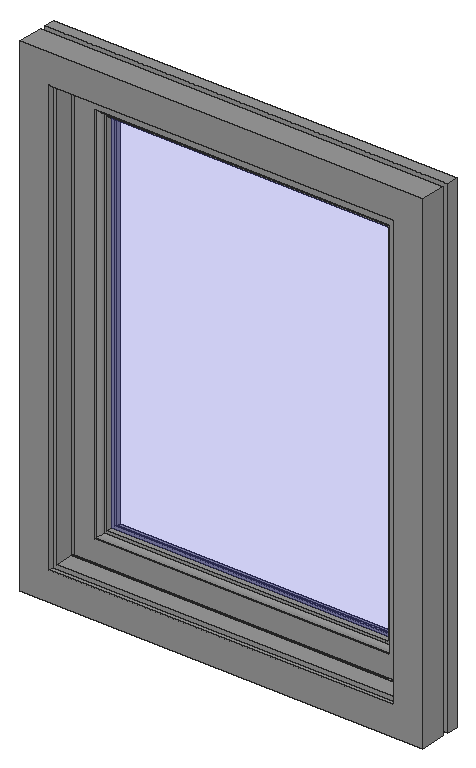
Revit family "MD1", category Windows, host Wall, Revit 2015
Parameters (values of type "MD1")
  Height = 663 mm
  Default Lintel Height = 2100 mm
  Wall Closure = By host
  Width = 542 mm
Reference planes
  plane 1 "Center (Front/Back)": y = 0
  plane 2 "Center (Left/Right)": x = 0
  plane 3 "Left": x = -271
  plane 4 "Right": x = 271
  plane 5 "Sill": z = 1437
  plane 6 "Head": z = 2100
  plane 7 "Exterior": y = 100
  plane 8 "Interior": y = -100
  plane 9: y = -28.5
  plane 10: y = 23.5
Forms (mm)
  Sweep 1, solid, material "Lauan, Meranti"
    path origin (0, 100, 0) x (1, 0, 0) y (0, 0, 1)
      loop
        line (271, 2100) -> (-271, 2100) -> (-271, 1437) -> (271, 1437) -> (271, 2100)
    profile origin (0, 100, 2100) x (0, 0, -1) y (0, -1, 0)
      loop
        line (0, 71.5) -> (29, 71.5) -> (29, 96.5) -> (37.5, 96.5) -> (37.5, 102.5) -> (40.5, 102.5) -> (40.5, 96.5) -> (44, 96.5) -> (44, 122.5) -> (39, 122.5) -> (39, 128.5) -> (0, 128.5) -> (0, 94.5) -> (10, 94.5) -> (10, 86.5) -> (0, 86.5) -> (0, 71.5)
  Sweep 2, solid, material "Rubber"
    path origin (0, 100, 0) x (1, 0, 0) y (0, 0, 1)
      loop
        line (233.5, 2062.5) -> (-233.5, 2062.5) -> (-233.5, 1474.5) -> (233.5, 1474.5) -> (233.5, 2062.5)
    profile origin (0, 100, 2062.5) x (0, 0, -1) y (0, -1, 0)
      loop
        line (1.5, 91.5) -> (6.5, 93.5) -> (6.5, 96.5) -> (2.5, 96.5) -> (2.5, 98.93) -> (3.5, 98.93) -> (2.5, 99.198) -> (2.5, 100.964) -> (3.5, 100.964) -> (1.5, 101.5) -> (-0.5, 100.964) -> (0.5, 100.964) -> (0.5, 99.198) -> (-0.5, 98.93) -> (0.5, 98.93) -> (0.5, 96.5) -> (-3.5, 96.5) -> (-3.5, 93.5) -> (1.5, 91.5)
  Sweep 3, solid, material "Lauan, Meranti"
    path origin (0, 100, 0) x (1, 0, 0) y (0, 0, 1)
      loop
        line (242, 2071) -> (-242, 2071) -> (-242, 1466) -> (242, 1466) -> (242, 2071)
    profile origin (0, 100, 2071) x (0, 0, -1) y (0, -1, 0)
      loop
        arc (-5, 57.5) -> (-3.242, 53.257) -> (1, 51.5) r 6
        line (1, 51.5) -> (43, 51.5) -> (43, 76.5) -> (52, 76.5) -> (52, 84.5) -> (49, 84.5)
        arc (49, 84.5) -> (47.243, 88.743) -> (43, 90.5) r 6
        line (43, 90.5) -> (43, 93.5) -> (10, 93.5) -> (10, 89.5) -> (12, 89.5) -> (12, 84.5) -> (14, 83.964) -> (14, 79.036) -> (12, 78.5) -> (12, 71.5) -> (-5, 71.5) -> (-5, 57.5)
  Sweep 4, solid, material "Lauan, Meranti"
    path origin (0, 100, 0) x (1, 0, 0) y (0, 0, 1)
      loop
        line (198.986, 2027.989) -> (-198.986, 2027.989) -> (-198.986, 1509.011) -> (198.986, 1509.011) -> (198.986, 2027.989)
    profile origin (0, 100, 2027.989) x (0, 0, -1) y (0, -1, 0)
      loop
        arc (0, 62.1) -> (4.67, 63.734) -> (7, 68.1) r 6.807
        line (7, 68.1) -> (9, 68.1) -> (9, 70.1) -> (0, 70.1) -> (0, 62.1)
  Extrusion 5, solid, material "Glass"
    sketch origin (-271, 0, 0) x (0, -1, 0) y (0, 0, 1)
      loop
        line (-23.5, 2028) -> (-29.9, 2028) -> (-29.9, 1509) -> (-23.5, 1509) -> (-23.5, 2028)
    from -470 to -72
Lines and regions (mm)
  Opening 1
    outline origin (3500, -100, 0) x (1, 0, 0) y (0, 0, 1)
      loop
        line (-3229, 1437) -> (-3229, 2100) -> (-3771, 2100) -> (-3771, 1437) -> (-3229, 1437)
  model lines
    curve 1: line (247, 48.5, 2076) -> (0, 48.5, 1461)
    curve 2: line (0, 48.5, 1461) -> (-247.082, 48.5, 2076.08)
Text (mm)
  text "EXTERIOR" at (-1963.203, 1332.353, 0), in view "Ref. Level"
  text "INTERIOR" at (-1981.466, -818.386, 0), in view "Ref. Level"
  text "Exterior" at (0, 923.751, 2943.296), in view "Right"
  text "Exterior" at (0, 1040.484, 2685.409), in view "Left"
Dimensions and locks
  equal spacing: plane 3 "Left", plane 2 "Center (Left/Right)", plane 4 "Right"
  "Width": plane 3 "Left" to plane 4 "Right"
  "Height": plane 5 "Sill" to plane 6 "Head"
  "Default Lintel Height": plane 6 "Head" to level
  locked: plane 7 "Exterior" to host wall at 0
  locked: plane 8 "Interior" to host wall
  locked: plane 10 to plane 9 at 52
  aligned and locked: Sweep 1 sketch curve to host wall  (x4)
  aligned and locked: Sweep 2 sketch curve to Sweep 1  (x4)
  aligned and locked: Sweep 3 sketch curve to Sweep 1  (x4)
  aligned and locked: Sweep 4 sketch curve to Sweep 3  (x2)
  aligned and locked: Extrusion 5 to Sweep 3  (x3)
  aligned and locked: Extrusion 5 to Sweep 4
  aligned and locked: Sweep 3 sketch curve to Sweep 2
Automatic sketch dimensions
  plane 3 "Left" to Opening 1 sketch curve = 0 mm
  plane 4 "Right" to Opening 1 sketch curve = 0 mm
  Opening 1 sketch curve to plane 5 "Sill" = 0 mm
  Opening 1 sketch curve to plane 6 "Head" = 0 mm
  Sweep 1 sketch curve to profile plane = 0 mm  (x2)
  Sweep 1 sketch curve to profile plane = 10 mm
  Sweep 1 sketch curve to Sweep 1 sketch curve = 19 mm
  Sweep 1 sketch curve to Sweep 1 sketch curve = 8.5 mm
  Sweep 1 sketch curve to Sweep 1 sketch curve = 1.5 mm
  Sweep 1 sketch curve to Sweep 1 sketch curve = 3 mm
  Sweep 1 sketch curve to Sweep 1 sketch curve = 3.5 mm
  plane 7 "Exterior" to Sweep 1 sketch curve = 71.5 mm
  Sweep 1 sketch curve to Sweep 1 sketch curve = 15 mm
  Sweep 1 sketch curve to Sweep 1 sketch curve = 8 mm
  Sweep 1 sketch curve to Sweep 1 sketch curve = 25 mm
  Sweep 1 sketch curve to Sweep 1 sketch curve = 0 mm
  Sweep 1 sketch curve to Sweep 1 sketch curve = 6 mm
  Sweep 1 sketch curve to Sweep 1 sketch curve = 20 mm
  Sweep 1 sketch curve to Sweep 1 sketch curve = 34 mm
  profile plane to Sweep 2 sketch curve = 3.5 mm
  profile plane to Sweep 2 sketch curve = 0.5 mm  (x2)
  Sweep 2 sketch curve to profile plane = 0.5 mm
  Sweep 2 sketch curve to Sweep 2 sketch curve = 0 mm  (x2)
  Sweep 2 sketch curve to profile plane = 1.5 mm
  Sweep 2 sketch curve to Sweep 2 sketch curve = 1 mm  (x4)
  Sweep 2 sketch curve to Sweep 2 sketch curve = 2 mm  (x3)
  Sweep 2 sketch curve to Sweep 2 sketch curve = 4 mm
  plane 7 "Exterior" to Sweep 2 sketch curve = 91.5 mm
  Sweep 2 sketch curve to Sweep 2 sketch curve = 3 mm  (x2)
  Sweep 2 sketch curve to Sweep 2 sketch curve = 2.43 mm
  Sweep 2 sketch curve to Sweep 2 sketch curve = 0.268 mm  (x2)
  Sweep 2 sketch curve to Sweep 2 sketch curve = 1.766 mm  (x2)
  Sweep 2 sketch curve to Sweep 2 sketch curve = 0.536 mm
  profile plane to Sweep 3 sketch curve = 5 mm
  Sweep 3 sketch curve to profile plane = 1 mm
  Sweep 3 sketch curve to profile plane = 10 mm
  Sweep 3 sketch curve to Sweep 3 sketch curve = 2 mm  (x2)
  Sweep 3 sketch curve to profile plane = 12 mm
  Sweep 3 sketch curve to Sweep 3 sketch curve = 31 mm
  Sweep 3 sketch curve to Sweep 3 sketch curve = 0 mm
  Sweep 3 sketch curve to Sweep 3 sketch curve = 6 mm
  Sweep 3 sketch curve to Sweep 3 sketch curve = 3 mm  (x2)
  Sweep 3 sketch curve to Sweep 3 sketch curve = 4 mm
  Sweep 3 sketch curve to Sweep 3 sketch curve = 5 mm
  Sweep 3 sketch curve to Sweep 3 sketch curve = 0.536 mm  (x2)
  Sweep 3 sketch curve to Sweep 3 sketch curve = 4.928 mm
  Sweep 3 sketch curve to Sweep 3 sketch curve = 8 mm
  Sweep 3 sketch curve to Sweep 3 sketch curve = 7 mm
  Sweep 3 sketch curve to Sweep 3 sketch curve = 14 mm
  plane 4 "Right" to Sweep 4 sketch curve = 72.014 mm
  plane 6 "Head" to Sweep 4 sketch curve = 72.011 mm
  Sweep 4 sketch curve to profile plane = 0 mm
  Sweep 4 sketch curve to profile plane = 0.241 mm
  Sweep 4 sketch curve to Sweep 4 sketch curve = 6.759 mm
  Sweep 4 sketch curve to Sweep 4 sketch curve = 2 mm  (x2)
  plane 7 "Exterior" to Sweep 4 sketch curve = 62.1 mm
  Sweep 4 sketch curve to Sweep 4 sketch curve = 6 mm
  Extrusion 5 sketch curve to plane 10 = 0 mm
  Extrusion 5 sketch curve to Extrusion 5 sketch curve = 6.4 mm
  Extrusion 5 sketch curve to plane 5 "Sill" = 72 mm
  plane 6 "Head" to Extrusion 5 sketch curve = 72 mm
  plane 2 "Center (Left/Right)" to curve 2 = 0 mm
  curve 1 to plane 5 "Sill" = 24 mm
  curve 2 to plane 3 "Left" = 23.918 mm
  plane 4 "Right" to curve 1 = 24 mm
  plane 6 "Head" to curve 1 = 24 mm
  plane 6 "Head" to curve 2 = 23.92 mm
